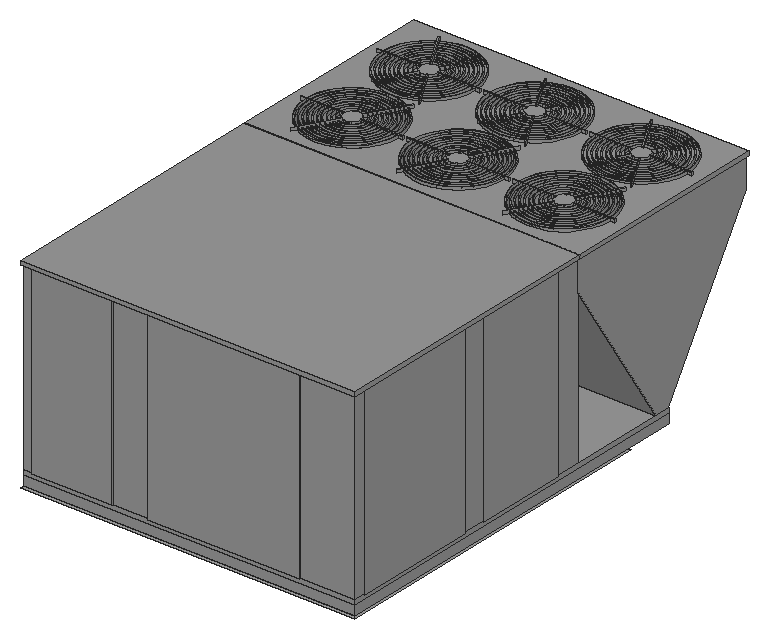
Revit family "RTU-1", category Mechanical Equipment, host Face, Revit 2025 (continued)
Automatic sketch dimensions
  Extrusion 56 sketch curve to Extrusion 56 sketch curve = 1.0776"
  Extrusion 56 sketch curve to Extrusion 56 sketch curve = 0.21651"
  Extrusion 56 sketch curve to Extrusion 56 sketch curve = 0.06535"
  Extrusion 57 sketch curve to Extrusion 57 sketch curve = 0"  (x4)
  Extrusion 57 sketch curve to Extrusion 57 sketch curve = 1.0776"
  Extrusion 57 sketch curve to Extrusion 57 sketch curve = 0.21651"
  Extrusion 57 sketch curve to Extrusion 57 sketch curve = 0.06535"
  Extrusion 58 sketch curve to Extrusion 58 sketch curve = 0"  (x4)
  Extrusion 58 sketch curve to Extrusion 58 sketch curve = 1.0776"
  Extrusion 58 sketch curve to Extrusion 58 sketch curve = 0.21651"
  Extrusion 58 sketch curve to Extrusion 58 sketch curve = 9.96767"
  Extrusion 38 sketch curve to plane 107 = 2 3/8"
  Extrusion 39 sketch curve to Extrusion 39 sketch curve = 0"  (x4)
  Extrusion 39 sketch curve to plane 119 = 10.12829"
  Extrusion 39 sketch curve to Extrusion 39 sketch curve = 2.37171"
  Extrusion 40 sketch curve to Extrusion 40 sketch curve = 0"  (x4)
  Extrusion 40 sketch curve to plane 121 = 10.12829"
  Extrusion 40 sketch curve to Extrusion 40 sketch curve = 2.37171"
  Extrusion 47 sketch curve to Extrusion 47 sketch curve = 0"  (x4)
  Extrusion 47 sketch curve to plane 153 = 10.12829"
  Extrusion 48 sketch curve to Extrusion 48 sketch curve = 0"  (x4)
  Extrusion 48 sketch curve to plane 155 = 10.12829"
  Extrusion 49 sketch curve to Extrusion 49 sketch curve = 0"  (x4)
  Extrusion 49 sketch curve to plane 157 = 10.12829"
  Extrusion 50 sketch curve to Extrusion 50 sketch curve = 0"  (x4)
  Extrusion 50 sketch curve to plane 159 = 10.12829"
  Extrusion 39 sketch curve to Extrusion 39 sketch curve = 1/8"
  Extrusion 40 sketch curve to Extrusion 40 sketch curve = 1/8"
  Extrusion 41 sketch curve to plane 122 = 2 3/8"
  Extrusion 42 sketch curve to Extrusion 42 sketch curve = 0"  (x4)
  Extrusion 42 sketch curve to plane 134 = 10.12829"
  Extrusion 42 sketch curve to Extrusion 42 sketch curve = 2.37171"
  Extrusion 43 sketch curve to Extrusion 43 sketch curve = 0"  (x4)
  Extrusion 43 sketch curve to plane 136 = 10.12829"
  Extrusion 43 sketch curve to Extrusion 43 sketch curve = 2.37171"
  Extrusion 51 sketch curve to Extrusion 51 sketch curve = 0"  (x4)
  Extrusion 51 sketch curve to plane 161 = 10.12829"
  Extrusion 52 sketch curve to Extrusion 52 sketch curve = 0"  (x4)
  Extrusion 52 sketch curve to plane 163 = 10.12829"
  Extrusion 53 sketch curve to Extrusion 53 sketch curve = 0"  (x4)
  Extrusion 53 sketch curve to plane 165 = 10.12829"
  Extrusion 54 sketch curve to Extrusion 54 sketch curve = 0"  (x4)
  Extrusion 54 sketch curve to plane 167 = 10.12829"
  Extrusion 42 sketch curve to Extrusion 42 sketch curve = 1/8"
  Extrusion 43 sketch curve to Extrusion 43 sketch curve = 1/8"
  Extrusion 44 sketch curve to plane 137 = 2 3/8"
  Extrusion 45 sketch curve to Extrusion 45 sketch curve = 0"  (x4)
  Extrusion 45 sketch curve to plane 149 = 10.12829"
  Extrusion 45 sketch curve to Extrusion 45 sketch curve = 2.37171"
  Extrusion 46 sketch curve to Extrusion 46 sketch curve = 0"  (x4)
  Extrusion 46 sketch curve to plane 151 = 10.12829"
  Extrusion 46 sketch curve to Extrusion 46 sketch curve = 2.37171"
  Extrusion 55 sketch curve to plane 169 = 10.12829"
  Extrusion 56 sketch curve to plane 171 = 10.12829"
  Extrusion 57 sketch curve to plane 173 = 10.12829"
  Extrusion 58 sketch curve to plane 175 = 10.12829"
  Extrusion 45 sketch curve to Extrusion 45 sketch curve = 1/8"
  Extrusion 46 sketch curve to Extrusion 46 sketch curve = 1/8"
  Extrusion 51 sketch curve to Extrusion 51 sketch curve = 1.0776"
  Extrusion 51 sketch curve to Extrusion 51 sketch curve = 0.21651"
  Extrusion 51 sketch curve to Extrusion 51 sketch curve = 9.96767"
  Extrusion 52 sketch curve to Extrusion 52 sketch curve = 1.0776"
  Extrusion 52 sketch curve to Extrusion 52 sketch curve = 0.21651"
  Extrusion 52 sketch curve to Extrusion 52 sketch curve = 0.06535"
  Extrusion 53 sketch curve to Extrusion 53 sketch curve = 1.0776"
  Extrusion 53 sketch curve to Extrusion 53 sketch curve = 0.21651"
  Extrusion 53 sketch curve to Extrusion 53 sketch curve = 0.06535"
  Extrusion 54 sketch curve to Extrusion 54 sketch curve = 1.0776"
  Extrusion 54 sketch curve to Extrusion 54 sketch curve = 0.21651"
  Extrusion 54 sketch curve to Extrusion 54 sketch curve = 9.96767"
  Extrusion 12 sketch curve to Extrusion 12 sketch curve = 15"
  plane 3 "Center (Left/Right)" to Extrusion 12 sketch curve = 12 3/16"
  Extrusion 12 sketch curve to plane 3 "Center (Left/Right)" = 7 13/16"
  Extrusion 12 sketch curve to Extrusion 12 sketch curve = 0"
  radius of Extrusion 8 sketch curve = 12 1/2"  (x3)
  radius of Extrusion 13 sketch curve = 2 3/8"
  radius of Extrusion 13 sketch curve = 3 3/8"
  radius of Extrusion 13 sketch curve = 3 1/2"
  radius of Extrusion 13 sketch curve = 4 3/8"
  radius of Extrusion 13 sketch curve = 5 1/4"
  radius of Extrusion 13 sketch curve = 4 1/2"
  radius of Extrusion 13 sketch curve = 5 3/8"
  radius of Extrusion 13 sketch curve = 6 3/8"
  radius of Extrusion 13 sketch curve = 7 3/8"
  radius of Extrusion 13 sketch curve = 9 3/8"
  radius of Extrusion 13 sketch curve = 10 3/8"
  radius of Extrusion 13 sketch curve = 11 3/8"
  radius of Extrusion 13 sketch curve = 12 3/8"
  radius of Extrusion 13 sketch curve = 12 1/2"
  radius of Extrusion 13 sketch curve = 7 1/2"
  radius of Extrusion 13 sketch curve = 9 1/2"
  radius of Extrusion 13 sketch curve = 10 1/2"
  radius of Extrusion 13 sketch curve = 11 1/2"
  radius of Extrusion 13 sketch curve = 8 3/8"
  radius of Extrusion 13 sketch curve = 8 1/2"
  radius of Extrusion 13 sketch curve = 6 1/2"
  radius of Extrusion 9 sketch curve = 2 3/8"
  radius of Extrusion 9 sketch curve = 3 3/8"
  radius of Extrusion 9 sketch curve = 3 1/2"
  radius of Extrusion 9 sketch curve = 4 3/8"
  radius of Extrusion 9 sketch curve = 5 1/4"
  radius of Extrusion 9 sketch curve = 4 1/2"
  radius of Extrusion 9 sketch curve = 5 3/8"
  radius of Extrusion 9 sketch curve = 6 3/8"
  radius of Extrusion 9 sketch curve = 7 3/8"
  radius of Extrusion 9 sketch curve = 9 3/8"
  radius of Extrusion 9 sketch curve = 10 3/8"
  radius of Extrusion 9 sketch curve = 11 3/8"
  radius of Extrusion 9 sketch curve = 12 3/8"
  radius of Extrusion 9 sketch curve = 12 1/2"
  radius of Extrusion 9 sketch curve = 7 1/2"
  radius of Extrusion 9 sketch curve = 9 1/2"
  radius of Extrusion 9 sketch curve = 10 1/2"
  radius of Extrusion 9 sketch curve = 11 1/2"
  radius of Extrusion 9 sketch curve = 8 3/8"
  radius of Extrusion 9 sketch curve = 8 1/2"
  radius of Extrusion 9 sketch curve = 6 1/2"
  radius of Extrusion 16 sketch curve = 2 3/8"
  radius of Extrusion 16 sketch curve = 3 3/8"
  radius of Extrusion 16 sketch curve = 3 1/2"
  radius of Extrusion 16 sketch curve = 4 3/8"
  radius of Extrusion 16 sketch curve = 5 1/4"
  radius of Extrusion 16 sketch curve = 4 1/2"
  radius of Extrusion 16 sketch curve = 5 3/8"
  radius of Extrusion 16 sketch curve = 6 3/8"
  radius of Extrusion 16 sketch curve = 7 3/8"
  radius of Extrusion 16 sketch curve = 9 3/8"
  radius of Extrusion 16 sketch curve = 10 3/8"
  radius of Extrusion 16 sketch curve = 11 3/8"
  radius of Extrusion 16 sketch curve = 12 3/8"
  radius of Extrusion 16 sketch curve = 12 1/2"
  radius of Extrusion 16 sketch curve = 7 1/2"
  radius of Extrusion 16 sketch curve = 9 1/2"
  radius of Extrusion 16 sketch curve = 10 1/2"
  radius of Extrusion 16 sketch curve = 11 1/2"
  radius of Extrusion 16 sketch curve = 8 3/8"
  radius of Extrusion 16 sketch curve = 8 1/2"
  radius of Extrusion 16 sketch curve = 6 1/2"
  radius of Extrusion 19 sketch curve = 2 3/8"
  radius of Extrusion 19 sketch curve = 3 3/8"
  radius of Extrusion 19 sketch curve = 3 1/2"
  radius of Extrusion 19 sketch curve = 4 3/8"
  radius of Extrusion 19 sketch curve = 5 1/4"
  radius of Extrusion 19 sketch curve = 4 1/2"
  radius of Extrusion 19 sketch curve = 5 3/8"
  radius of Extrusion 19 sketch curve = 6 3/8"
  radius of Extrusion 19 sketch curve = 7 3/8"
  radius of Extrusion 19 sketch curve = 9 3/8"
  radius of Extrusion 19 sketch curve = 10 3/8"
  radius of Extrusion 19 sketch curve = 11 3/8"
  radius of Extrusion 19 sketch curve = 12 3/8"
  radius of Extrusion 19 sketch curve = 12 1/2"
  radius of Extrusion 19 sketch curve = 7 1/2"
  radius of Extrusion 19 sketch curve = 9 1/2"
  radius of Extrusion 19 sketch curve = 10 1/2"
  radius of Extrusion 19 sketch curve = 11 1/2"
  radius of Extrusion 19 sketch curve = 8 3/8"
  radius of Extrusion 19 sketch curve = 8 1/2"
  radius of Extrusion 19 sketch curve = 6 1/2"
  radius of Extrusion 38 sketch curve = 2 3/8"
  radius of Extrusion 38 sketch curve = 3 3/8"
  radius of Extrusion 38 sketch curve = 3 1/2"
  radius of Extrusion 38 sketch curve = 4 3/8"
  radius of Extrusion 38 sketch curve = 5 1/4"
  radius of Extrusion 38 sketch curve = 4 1/2"
  radius of Extrusion 38 sketch curve = 5 3/8"
  radius of Extrusion 38 sketch curve = 6 3/8"
  radius of Extrusion 38 sketch curve = 7 3/8"
  radius of Extrusion 38 sketch curve = 9 3/8"
  radius of Extrusion 38 sketch curve = 10 3/8"
  radius of Extrusion 38 sketch curve = 11 3/8"
  radius of Extrusion 38 sketch curve = 12 3/8"
  radius of Extrusion 38 sketch curve = 12 1/2"
  radius of Extrusion 38 sketch curve = 7 1/2"
  radius of Extrusion 38 sketch curve = 9 1/2"
  radius of Extrusion 38 sketch curve = 10 1/2"
  radius of Extrusion 38 sketch curve = 11 1/2"
  radius of Extrusion 38 sketch curve = 8 3/8"
  radius of Extrusion 38 sketch curve = 8 1/2"
  radius of Extrusion 38 sketch curve = 6 1/2"
  radius of Extrusion 41 sketch curve = 2 3/8"
  radius of Extrusion 41 sketch curve = 3 3/8"
  radius of Extrusion 41 sketch curve = 3 1/2"
  radius of Extrusion 41 sketch curve = 4 3/8"
  radius of Extrusion 41 sketch curve = 5 1/4"
  radius of Extrusion 41 sketch curve = 4 1/2"
  radius of Extrusion 41 sketch curve = 5 3/8"
  radius of Extrusion 41 sketch curve = 6 3/8"
  radius of Extrusion 41 sketch curve = 7 3/8"
  radius of Extrusion 41 sketch curve = 9 3/8"
  radius of Extrusion 41 sketch curve = 10 3/8"
  radius of Extrusion 41 sketch curve = 11 3/8"
  radius of Extrusion 41 sketch curve = 12 3/8"
  radius of Extrusion 41 sketch curve = 12 1/2"
  radius of Extrusion 41 sketch curve = 7 1/2"
  radius of Extrusion 41 sketch curve = 9 1/2"
  radius of Extrusion 41 sketch curve = 10 1/2"
  radius of Extrusion 41 sketch curve = 11 1/2"
  radius of Extrusion 41 sketch curve = 8 3/8"
  radius of Extrusion 41 sketch curve = 8 1/2"
  radius of Extrusion 41 sketch curve = 6 1/2"
  radius of Extrusion 44 sketch curve = 2 3/8"
  radius of Extrusion 44 sketch curve = 3 3/8"
  radius of Extrusion 44 sketch curve = 3 1/2"
  radius of Extrusion 44 sketch curve = 4 3/8"
  radius of Extrusion 44 sketch curve = 5 1/4"
  radius of Extrusion 44 sketch curve = 4 1/2"
  radius of Extrusion 44 sketch curve = 5 3/8"
  radius of Extrusion 44 sketch curve = 6 3/8"
  radius of Extrusion 44 sketch curve = 7 3/8"
  radius of Extrusion 44 sketch curve = 9 3/8"
  radius of Extrusion 44 sketch curve = 10 3/8"
  radius of Extrusion 44 sketch curve = 11 3/8"
  radius of Extrusion 44 sketch curve = 12 3/8"
  radius of Extrusion 44 sketch curve = 12 1/2"
  radius of Extrusion 44 sketch curve = 7 1/2"
  radius of Extrusion 44 sketch curve = 9 1/2"
  radius of Extrusion 44 sketch curve = 10 1/2"
  radius of Extrusion 44 sketch curve = 11 1/2"
  radius of Extrusion 44 sketch curve = 8 3/8"
  radius of Extrusion 44 sketch curve = 8 1/2"
  radius of Extrusion 44 sketch curve = 6 1/2"
Nested families (in)
  nested 1: "Panel" at (44.5625, -32.875, 28.84375) x (0, 1, 0) z (1, 0, 0), type "Panel"
    with Width 33 1/2", Length 49 7/16"
  nested 2: "Panel" at (44.5625, 2.6875, 28.84375) x (0, 1, 0) z (1, 0, 0), type "Panel"
    with Width 24 7/8", Length 49 7/16"
  nested 3: "Panel" at (-44.5625, -32.875, 28.84375) x (0, 1, 0) z (-1, 0, 0), type "Panel"
    with Width 33 1/2", Length 49 7/16"
  nested 4: "Panel" at (-44.5625, 2.6875, 28.84375) x (0, 1, 0) z (-1, 0, 0), type "Panel"
    with Width 24 7/8", Length 49 7/16"
  nested 5: "Panel" at (-31.46875, -52.75, 28.84375) x (1, 0, 0) z (0, -1, 0), type "Panel"
    with Width 21 9/16", Length 49 7/16"
  nested 6: "Panel" at (9.46875, -52.75, 28.84375) x (1, 0, 0) z (0, -1, 0), type "Panel"
    with Width 40 11/16", Length 49 7/16"
Connectors (in)
  hvac at (-33.3125, -10.625, 12), driven by "Return Flow"
    settings: on cut or joined group of Extrusion 1, Extrusion 12, index 1, duct flow 0 CFM, flow factor 0, pres drop 0.00 in-wg, loss coef 0, conn angle 0.00°, conn width 60 1/2", conn height 15", conn diameter 24", duct sys type 2, conn prof type 1, flow config 0, flow direction 1, loss method 4, conn ref index -1, conn util no, is conn primary no, conn desc "return"
  hvac at (2.1875, -10.625, 12), driven by "Supply Flow"
    settings: on cut or joined group of Extrusion 1, Extrusion 12, index 2, duct flow 0 CFM, flow factor 0, pres drop 0.00 in-wg, loss coef 0, conn angle 0.00°, conn width 60 1/2", conn height 20", conn diameter 24", duct sys type 1, conn prof type 1, flow config 0, flow direction 2, loss method 4, conn ref index -1, conn util no, is conn primary yes, conn desc "supply"
Definition of nested family "Panel"
  Parameters (values of type "Panel")
    Width [instance] = 21 9/16"
    Material = none
    Length [instance] = 49 7/16"
    Default Elevation = 48"
  Reference planes (in)
    plane 1 "Center (Front/Back)": y = 0
    plane 2: z = 0
    plane 3 "Center (Left/Right)": x = 0
    plane 4: z = 0.25
    plane 5: x = -10.78125
    plane 6: x = 10.78125
    plane 7: y = 24.71875
    plane 8: y = -24.71875
  Forms (in)
    Extrusion 1, solid
      sketch origin (0, 0, 0) x (1, 0, 0) y (0, 1, 0)
        loop
          line (-48, 48) -> (-48, -48) -> (48, -48) -> (48, 48) -> (-48, 48)
      from 0 to -12
    Extrusion 2, solid, material <- "Material"
      sketch origin (0, 0, 0) x (1, 0, 0) y (0, 1, 0)
        loop
          line (-10.78125, 24.71875) -> (-10.78125, -24.71875) -> (10.78125, -24.71875) -> (10.78125, 24.71875) -> (-10.78125, 24.71875)
      from 0 to 0.25
  Dimensions and locks (in)
    plane 4 to plane 2 = 1/4"
    equal spacing: plane 5, plane 3 "Center (Left/Right)", plane 6
    equal spacing: plane 7, plane 1 "Center (Front/Back)", plane 8
    "Length": plane 7 to plane 8
    "Width": plane 5 to plane 6
    aligned and locked: plane 2 to Extrusion 1
    aligned and locked: level to Extrusion 1
    aligned and locked: plane 4 to Extrusion 2
    aligned and locked: Extrusion 2 to plane 6
    aligned and locked: Extrusion 2 to plane 5
    aligned and locked: plane 8 to Extrusion 2
    aligned and locked: plane 7 to Extrusion 2
  Automatic sketch dimensions
    Extrusion 1 sketch curve to Extrusion 1 sketch curve = 96"  (x2)
    plane 5 to Extrusion 2 sketch curve = 0"
    Extrusion 2 sketch curve to plane 6 = 0"
    plane 1 "Center (Front/Back)" to Extrusion 2 sketch curve = 24 23/32"
    Extrusion 2 sketch curve to plane 1 "Center (Front/Back)" = 24 23/32"
